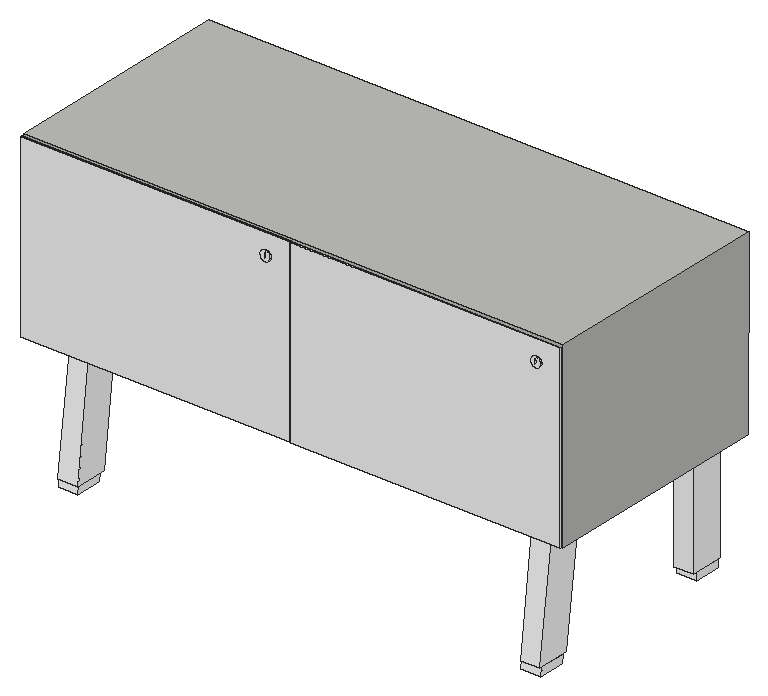
Revit family "Credenza-Freestanding-Teknion-JNFCLL-Lateral_File-R2015", category Furniture, Revit 2015
Parameters (values of type "Metal")
  Width [instance] = 42.000"
  Warranty = "http://www.teknion.com/ca/papers/legal-canada"
  Unit Weight URL = "http://www.teknion.com/ca/tools/assets#&asset=bee6a381-b954-425e-8283-5a2de3a804f2,f828d448-4b62-4231-9e5f-9a8991c0ed77"
  URL = "www.teknion.com"
  Sustainability Data = "http://www.teknion.com/ca/tools/assets#&topic=216f99a5-57a0-44fc-b10a-9dee9b29ae4c&asset=444deb64-fe58-4b68-981e-f75e97781df7"
  Series = "Expansion Cityline"  # constant formula
  Separation Line (2D) [instance] = or(Width > 41.000")  # yes
  Separation Line [instance] = if(Width > 41.000", 2.000", 0.500")  # 2.000"
  Second Lock Visibility [instance] = or(Width > 41.000")  # yes
  Product Page URL = "http://www.teknion.com/ca/products/product-details?productlineid=9ad2a26e-8e7a-673b-a6c8-ff05004460c4"
  Product Line = "Expansion Cityline"  # constant formula
  Product Documentation Link = "http://www.teknion.com/pricing/expansion-cityline/pdfs/JNFCLL_ppg.pdf"
  Part Number = "JNFCLL"  # constant formula
  Note [instance] = "Widths are available from 24 to 72 inches in 6 inch increments."  # constant formula
  Model = "JNFCLLM"
  Manufacturer Phone = "416-661-3370"  # constant formula
  Manufacturer Fax = "416.661.4586"  # constant formula
  Manufacturer Contact Information = "http://www.teknion.com/ca/contactus"
  Manufacturer Address = "1150 Flint Road, Toronto, ON. M3J 2J5. Canada"  # constant formula
  Manufacturer = "Teknion"  # constant formula
  Leg Paint Finish [instance] = Mica - Teknion - V - Satin - Very White
  Has Solid Front Style [instance] = not(Has Metal Front Style)  # no
  Has Seat Pad Felt [instance] = no
  Has Metal Front Style = yes
  Front Finish = Mica - Teknion - V - Satin - Very White
  Front Drawer Depth [instance] = if(Has Metal Front Style, 0.118", 0.701")  # 0.118"
  Felt Finish [instance] = Fabric-Teknion-RB11-Carbon
  Description = "Freestanding Credenza – Lateral File"  # constant formula
  Case Finish [instance] = Source Laminate - Teknion - RV - Very White
  Assembly Code = "E2020200"
Types (2): name | Model | Has Solid Front Style | Has Seat Pad Felt | Has Metal Front Style | Front Finish | Front Drawer Depth | Felt Finish
  Metal | "JNFCLLM" | no | no | yes | Mica - Teknion - V - Satin - Very White | 0.118" | Fabric-Teknion-RB11-Carbon
  Solid | "JNFCLLS" | yes | yes | no | Source Laminate - Teknion - RV - Very White | 0.701" | none
Reference planes (in)
  plane 1 "Center Front/Back": y = -0.84646
  plane 2: z = 0
  plane 3 "Center Left/Right": x = -39
  plane 4 "Left": x = -60
  plane 5 "Right": x = -18
  plane 6 "Back": y = 8.15354
  plane 7 "Front": y = -9.84646
  plane 8 "Top": z = 24.12496
  plane 9: z = 10
  plane 10: y = -10.04331
  plane 11: y = -10.16131
  plane 12: x = -20.23228
  plane 13: x = -21.76772
  plane 14: x = -57.76772
  plane 15: x = -56.23228
  plane 16: y = -10.22045
  plane 17: y = -11.91608
  plane 18: z = 0.60236
  plane 19: x = -48
  plane 20: x = -30
Forms (in)
  Extrusion 1, solid, material "Source Laminate - Teknion - RV - Very White" <- "Case Finish"
    sketch origin (0, 0, 24.12496) x (-1, 0, 0) y (0, -1, 0)
      loop
        line (60, -8.15354) -> (60, 9.84646) -> (18, 9.84646) -> (18, -8.15354) -> (60, -8.15354)
    from 0 to -14.12496
  Extrusion 2, solid, material "Mica - Teknion - V - Satin - Very White" <- "Leg Paint Finish"
    sketch origin (-39, 0, 0) x (0, 1, 0) y (0, 0, 1)
      loop
        line (-9.30637, 0.60236) -> (-6.7848, 0.60236) -> (-5.54758, 10) -> (-8.06915, 10) -> (-9.30637, 0.60236)
    from 17.23228 to 18.76772
  Extrusion 3, solid, material "Mica - Teknion - V - Satin - Very White" <- "Leg Paint Finish"
    sketch origin (-39, 0, 0) x (0, 1, 0) y (0, 0, 1)
      loop
        line (-7.21265, 0) -> (-7.13335, 0.60236) -> (-9.16739, 0.60236) -> (-9.24669, 0) -> (-7.21265, 0)
    from 17.23228 to 18.76772
  Extrusion 4, solid, material "Mica - Teknion - V - Satin - Very White" <- "Leg Paint Finish"
    sketch origin (-36, 0, 0) x (0, 1, 0) y (0, 0, -1)
      loop
        line (-9.30637, -0.60236) -> (-8.06915, -10) -> (-5.54758, -10) -> (-6.7848, -0.60236) -> (-9.30637, -0.60236)
    from 20.23228 to 21.76772
  Extrusion 5, solid, material "Mica - Teknion - V - Satin - Very White" <- "Leg Paint Finish"
    sketch origin (-36, 0, 0) x (0, 1, 0) y (0, 0, -1)
      loop
        line (-7.21265, 0) -> (-9.24669, 0) -> (-9.16739, -0.60236) -> (-7.13335, -0.60236) -> (-7.21265, 0)
    from 20.23228 to 21.76772
  Extrusion 6, solid, material "Mica - Teknion - V - Satin - Very White" <- "Front Finish"
    sketch origin (0, -9.84646, 0) x (-1, 0, 0) y (0, 0, -1)
      loop
        line (18, -24.06591) -> (60, -24.06591) -> (60, -10.11811) -> (18, -10.11811) -> (18, -24.06591)
    from 0.19685 to 0.31485
  Extrusion 7, solid, material "Mica - Teknion - V - Satin - Very White"
    sketch origin (0, -9.84646, 0) x (-1, 0, 0) y (0, 0, -1)
      loop
        circle (19.82838, -22.4911) r 0.3922
      loop
        line (19.7815, -22.67811) -> (19.87993, -22.67811) -> (19.87993, -22.30409) -> (19.7815, -22.30409) -> (19.7815, -22.67811)
    from 0.31485 to 0.37399
  Extrusion 8, void
    sketch origin (0, -9.84646, 0) x (-1, 0, 0) y (0, 0, -1)
      loop
        line (38.94094, -10.11811) -> (38.94094, -24.06591) -> (39.05906, -24.06591) -> (39.05906, -10.11811) -> (38.94094, -10.11811)
    from 0.06963 to 2.06963
  Extrusion 9, solid, material "Mica - Teknion - V - Satin - Very White", visible <- "Second Lock Visibility"
    sketch origin (-42.72048, -9.84646, 0) x (1, 0, 0) y (0, 0, 1)
      loop
        circle (1.82837, 22.4911) r 0.3922
      loop
        line (1.7815, 22.67811) -> (1.7815, 22.30409) -> (1.87993, 22.30409) -> (1.87993, 22.67811) -> (1.7815, 22.67811)
    from 0.31485 to 0.37399
  Extrusion 10, solid, material "Mica - Teknion - V - Satin - Very White" <- "Leg Paint Finish"
    sketch origin (-20.23228, -7.61346, 48) x (0, -1, 0) y (0, 0, 1)
      loop
        line (-13.20795, -47.39764) -> (-13.20795, -38) -> (-15.767, -38) -> (-15.767, -47.39764) -> (-13.20795, -47.39764)
    from 0 to 1.53543
  Extrusion 11, solid, material "Mica - Teknion - V - Satin - Very White" <- "Leg Paint Finish"
    sketch origin (-57.76772, -7.61346, 48) x (0, -1, 0) y (0, 0, -1)
      loop
        line (-13.20795, 38) -> (-13.20795, 47.39764) -> (-15.767, 47.39764) -> (-15.767, 38) -> (-13.20795, 38)
    from 0 to 1.53543
  Extrusion 12, solid, material "Mica - Teknion - V - Satin - Very White" <- "Leg Paint Finish"
    sketch origin (-57.76772, -7.61346, 48) x (0, -1, 0) y (0, 0, -1)
      loop
        line (-13.5535, 48) -> (-15.57015, 48) -> (-15.57015, 47.39764) -> (-13.5535, 47.39764) -> (-13.5535, 48)
    from 0 to 1.53543
  Extrusion 13, solid, material "Mica - Teknion - V - Satin - Very White" <- "Leg Paint Finish"
    sketch origin (-20.23228, -7.61346, 48) x (0, -1, 0) y (0, 0, 1)
      loop
        line (-13.5535, -48) -> (-13.5535, -47.39764) -> (-15.57015, -47.39764) -> (-15.57015, -48) -> (-13.5535, -48)
    from 0 to 1.53543
  Extrusion 14, solid, material "Fabric-Teknion-RB11-Carbon" <- "Felt Finish", visible <- "Has Seat Pad Felt"
    sketch origin (0, 0, 24.12496) x (-1, 0, 0) y (0, -1, 0)
      loop
        line (48, -8.15354) -> (48, 9.84646) -> (30, 9.84646) -> (30, -8.15354) -> (48, -8.15354)
    from 0 to 0.5512
Cuts and joins
  Extrusion 8 cuts Extrusion 6
Lines and regions (in)
  Masking region 1
    outline origin (0, 0, 24.12496) x (-1, 0, 0) y (0, -1, 0)
      loop
        line (18, -8.15354) -> (60, -8.15354) -> (60, 9.84646) -> (18, 9.84646) -> (18, -8.15354)
  Masking region 2
    outline origin (0, 0, 24.12496) x (-1, 0, 0) y (0, -1, 0)
      loop
        line (60, 10.04331) -> (60, 10.16131) -> (18, 10.16131) -> (18, 10.04331) -> (60, 10.04331)
  Masking region 3, visible <- "Second Lock Visibility"
    outline origin (0, 0, 24.12496) x (-1, 0, 0) y (0, -1, 0)
      loop
        line (40.4999, 10.16131) -> (41.28431, 10.16131) -> (41.28431, 10.22045) -> (40.4999, 10.22045) -> (40.4999, 10.16131)
  Masking region 4
    outline origin (0, 0, 24.12496) x (-1, 0, 0) y (0, -1, 0)
      loop
        line (20.22058, 10.22045) -> (19.43617, 10.22045) -> (19.43617, 10.16131) -> (20.22058, 10.16131) -> (20.22058, 10.22045)
  Masking region 5, visible <- "Has Seat Pad Felt"
    outline origin (0, 0, 24.12496) x (-1, 0, 0) y (0, -1, 0)
      loop
        line (48, -8.15354) -> (48, 9.84646) -> (30, 9.84646) -> (30, -8.15354) -> (48, -8.15354)
  symbolic lines, style "FurnitureHiddenLines", detail levels medium+fine
    curve 1: line (-56.23228, -9.30637, 24.12496) -> (-56.23228, -5.54758, 24.12496)
    curve 2: line (-57.76772, -5.54758, 24.12496) -> (-56.23228, -5.54758, 24.12496)
    curve 3: line (-57.76772, -9.30637, 24.12496) -> (-57.76772, -5.54758, 24.12496)
    curve 4: line (-57.76772, -9.30637, 24.12496) -> (-56.23228, -9.30637, 24.12496)
    curve 7: line (-21.76772, -5.54758, 24.12496) -> (-20.23228, -5.54758, 24.12496)
    curve 8: line (-20.23228, -9.30637, 24.12496) -> (-20.23228, -5.54758, 24.12496)
    curve 9: line (-21.76772, -9.30637, 24.12496) -> (-20.23228, -9.30637, 24.12496)
    curve 10: line (-21.76772, -9.30637, 24.12496) -> (-21.76772, -5.54758, 24.12496)
    curve 17: line (-57.76772, 8.15354, 24.12496) -> (-57.76772, 5.59449, 24.12496)
    curve 18: line (-57.76772, 5.59449, 24.12496) -> (-56.23228, 5.59449, 24.12496)
    curve 19: line (-56.23228, 5.59449, 24.12496) -> (-56.23228, 8.15354, 24.12496)
    curve 23: line (-21.76772, 8.15354, 24.12496) -> (-21.76772, 5.59449, 24.12496)
    curve 25: line (-21.76772, 5.59449, 24.12496) -> (-20.23228, 5.59449, 24.12496)
    curve 26: line (-20.23228, 5.59449, 24.12496) -> (-20.23228, 8.15354, 24.12496)
  symbolic lines, style "FurnitureHiddenLines", detail levels fine
    curve 5: line (-57.76772, -9.24669, 24.12496) -> (-56.23228, -9.24669, 24.12496)
    curve 6: line (-56.23228, -7.13335, 24.12496) -> (-57.76772, -7.13335, 24.12496)
    curve 11: line (-20.23228, -7.13335, 24.12496) -> (-21.76772, -7.13335, 24.12496)
    curve 12: line (-21.76772, -7.13335, 24.12496) -> (-21.76772, -9.16739, 24.12496)
    curve 13: line (-21.76772, -9.16739, 24.12496) -> (-20.23228, -9.16739, 24.12496)
    curve 14: line (-20.23228, -9.16739, 24.12496) -> (-20.23228, -7.13335, 24.12496)
    curve 20: line (-57.76772, 5.94004, 24.12496) -> (-56.23228, 5.94004, 24.12496)
    curve 21: line (-56.23228, 7.95669, 24.12496) -> (-57.76772, 7.95669, 24.12496)
    curve 22: line (-20.23228, 7.95669, 24.12496) -> (-21.76772, 7.95669, 24.12496)
    curve 24: line (-21.76772, 5.94004, 24.12496) -> (-20.23228, 5.94004, 24.12496)
  symbolic lines, visible <- "Separation Line (2D)"
    curve 15: line (-39.05906, -10.04331, 24.12496) -> (-39.05906, -10.16131, 24.12496)
    curve 16: line (-38.94094, -10.16131, 24.12496) -> (-38.94094, -10.04331, 24.12496)
  reference lines, not visible
    curve 27: line (-60, 8.15354, 0) -> (-60, -10.16131, 0)
    curve 28: line (-60, 8.15354, 0) -> (-18, 8.15354, 0)
    curve 29: line (-18, 8.15354, 0) -> (-18, -10.16131, 0)
    curve 30: line (-18, -10.16131, 0) -> (-60, -10.16131, 0)
Dimensions and locks (in)
  equal spacing: plane 4 "Left", plane 3 "Center Left/Right", plane 5 "Right"
  locked: plane 6 "Back" to plane 7 "Front" at 18
  plane 8 "Top" to level = 24.12496"
  "Width": plane 4 "Left" to plane 5 "Right"
  equal spacing: plane 6 "Back", plane 1 "Center Front/Back", plane 7 "Front"
  locked: plane 8 "Top" to plane 9 at 14.12496
  Extrusion 2 sketch curve to Extrusion 2 sketch curve to Extrusion 2 sketch curve to Extrusion 2 sketch curve to plane 7 "Front" = 1.23722" locked, 1.28435" locked, 1.23722" locked, 0.54009" locked
  locked: Extrusion 2 sketch curve to plane 2 at 0.60236
  Extrusion 3 sketch curve to Extrusion 3 sketch curve to Extrusion 3 sketch curve to Extrusion 3 sketch curve to plane 7 "Front" = 0.0793" locked, 1.95473" locked, 0.0793" locked, 0.59977" locked
  plane 13 to plane 12 to plane 5 "Right" = 1.53543" locked, 2.23228" locked
  locked: plane 10 to plane 7 "Front" at 0.19685
  "Front Drawer Depth": plane 10 to plane 11
  Extrusion 4 sketch curve to Extrusion 4 sketch curve to Extrusion 4 sketch curve to Extrusion 4 sketch curve to plane 7 "Front" = 1.23722" locked, 1.28435" locked, 1.23722" locked, 0.54009" locked
  Extrusion 5 sketch curve to Extrusion 5 sketch curve to Extrusion 5 sketch curve to Extrusion 5 sketch curve to plane 7 "Front" = 0.0793" locked, 1.95473" locked, 0.0793" locked, 0.59977" locked
  plane 15 to plane 14 to plane 4 "Left" = 1.53543" locked, 2.23228" locked
  locked: Extrusion 4 sketch curve to plane 2 at 0.60236
  locked: Extrusion 5 sketch curve to plane 2 at 0.60236
  locked: plane 8 "Top" to Extrusion 6 sketch curve at 0.05906
  locked: Extrusion 6 sketch curve to plane 2 at 10.11811
  locked: Extrusion 7 sketch curve to plane 5 "Right" at 1.82838
  locked: plane 8 "Top" to Extrusion 7 sketch curve at 1.63386
  Extrusion 7 sketch curve to Extrusion 7 sketch curve to plane 5 "Right" = 0.09843" locked, 1.7815" locked
  plane 8 "Top" to Extrusion 7 sketch curve to Extrusion 7 sketch curve = 1.44685" locked, 0.37402" locked
  locked: plane 11 to plane 16 at 0.05914
  locked: plane 7 "Front" to plane 17 at 2.06963
  "Separation Line": Extrusion 8 to plane 17
  plane 3 "Center Left/Right" to Extrusion 9 sketch curve to Extrusion 9 sketch curve = 1.84055" locked, 0.09843" locked
  plane 8 "Top" to Extrusion 9 sketch curve to Extrusion 9 sketch curve = 1.44685" locked, 0.37402" locked
  locked: plane 11 to Extrusion 9 at 0.05914
  locked: Masking region 3 sketch curve to plane 11 at 0.05914
  locked: plane 6 "Back" to Extrusion 11 sketch curve at 2.55906
  locked: plane 6 "Back" to Extrusion 12 sketch curve at 0.19685
  locked: plane 6 "Back" to Extrusion 12 sketch curve at 2.2135
  locked: Extrusion 13 sketch curve to plane 6 "Back" at 0.19685
  locked: plane 18 to plane 2 at 0.60236
  locked: Extrusion 13 sketch curve to plane 6 "Back" at 2.2135
  locked: plane 4 "Left" to plane 19 at 12
  locked: plane 5 "Right" to plane 20 at 12
  locked: Extrusion 14 to plane 8 "Top" at 0.5512
  aligned and locked: level to plane 2
  aligned and locked: Extrusion 1 sketch curve to plane 4 "Left"
  aligned and locked: Extrusion 1 sketch curve to plane 6 "Back"
  aligned and locked: Extrusion 1 sketch curve to plane 5 "Right"
  aligned and locked: Extrusion 1 sketch curve to plane 7 "Front"
  aligned and locked: Extrusion 1 to plane 9
  aligned and locked: Extrusion 1 to plane 8 "Top"
  aligned and locked: plane 9 to Extrusion 2 sketch curve
  aligned and locked: plane 2 to Extrusion 3 sketch curve
  aligned and locked: Extrusion 2 to plane 12
  aligned and locked: plane 13 to Extrusion 2
  aligned and locked: Extrusion 3 to plane 12
  aligned and locked: plane 13 to Extrusion 3
  aligned and locked: plane 14 to Extrusion 4
  aligned and locked: Extrusion 4 to plane 15
  aligned and locked: plane 14 to Extrusion 5
  aligned and locked: Extrusion 5 to plane 15
  aligned and locked: Extrusion 4 sketch curve to plane 9
  aligned and locked: Extrusion 5 sketch curve to plane 2
  aligned and locked: Extrusion 6 sketch curve to plane 5 "Right"
  aligned and locked: Extrusion 6 sketch curve to plane 4 "Left"
  aligned and locked: Extrusion 6 to plane 10
  aligned and locked: Extrusion 6 to plane 11
  aligned and locked: plane 11 to Extrusion 7
  aligned and locked: plane 16 to Extrusion 7
  aligned and locked: Extrusion 7 to plane 11
  aligned and locked: plane 17 to Extrusion 8
  aligned and locked: plane 11 to Extrusion 9
  aligned and locked: plane 16 to Extrusion 9
  aligned and locked: Masking region 1 sketch curve to Extrusion 1  (x4)
  aligned and locked: Masking region 2 sketch curve to cut or joined group of Extrusion 6, Extrusion 8  (x4)
  aligned and locked: Masking region 3 sketch curve to Extrusion 9  (x3)
  aligned and locked: Masking region 4 sketch curve to Extrusion 7  (x3)
  aligned and locked: plane 15 to curve 1
  aligned and locked: curve 2 to Extrusion 4
  aligned and locked: plane 14 to curve 3
  aligned and locked: curve 4 to Extrusion 4
  aligned and locked: curve 5 to Extrusion 5
  aligned and locked: curve 6 to Extrusion 5
  aligned and locked: curve 7 to Extrusion 2
  aligned and locked: curve 8 to plane 12
  aligned and locked: curve 9 to Extrusion 2
  aligned and locked: curve 10 to plane 13
  aligned and locked: curve 15 to cut or joined group of Extrusion 6, Extrusion 8
  aligned and locked: cut or joined group of Extrusion 6, Extrusion 8 to curve 16
  aligned and locked: Extrusion 10 sketch curve to plane 9
  aligned and locked: Extrusion 10 sketch curve to plane 6 "Back"
  aligned and locked: plane 13 to Extrusion 10
  aligned and locked: Extrusion 10 to plane 12
  aligned and locked: plane 9 to Extrusion 11 sketch curve
  aligned and locked: plane 6 "Back" to Extrusion 11 sketch curve
  aligned and locked: plane 15 to Extrusion 11
  aligned and locked: Extrusion 11 to plane 14
  aligned and locked: plane 2 to Extrusion 12 sketch curve
  aligned and locked: plane 15 to Extrusion 12
  aligned and locked: Extrusion 12 to plane 14
  aligned and locked: Extrusion 13 to plane 12
  aligned and locked: plane 13 to Extrusion 13
  aligned and locked: plane 2 to Extrusion 13 sketch curve
  aligned and locked: curve 17 to Extrusion 11
  aligned and locked: curve 18 to Extrusion 11
  aligned and locked: curve 19 to Extrusion 11
  aligned and locked: curve 20 to Extrusion 12
  aligned and locked: curve 21 to Extrusion 12
  aligned and locked: curve 22 to Extrusion 13
  aligned and locked: curve 23 to Extrusion 10
  aligned and locked: curve 24 to Extrusion 13
  aligned and locked: curve 25 to Extrusion 10
  aligned and locked: curve 26 to Extrusion 10
  aligned and locked: Extrusion 11 sketch curve to plane 18
  aligned and locked: Extrusion 12 sketch curve to plane 18
  aligned and locked: plane 18 to Extrusion 10 sketch curve
  aligned and locked: plane 18 to Extrusion 13 sketch curve
  aligned and locked: Extrusion 14 sketch curve to plane 19
  aligned and locked: Extrusion 14 sketch curve to plane 6 "Back"
  aligned and locked: plane 20 to Extrusion 14 sketch curve
  aligned and locked: plane 7 "Front" to Extrusion 14 sketch curve
  aligned and locked: Extrusion 14 to plane 8 "Top"
  aligned and locked: Masking region 5 sketch curve to plane 19
  aligned and locked: Masking region 5 sketch curve to plane 6 "Back"
  aligned and locked: plane 20 to Masking region 5 sketch curve
  aligned and locked: plane 7 "Front" to Masking region 5 sketch curve
  aligned and locked: curve 27 to plane 4 "Left"
  aligned and locked: curve 28 to plane 6 "Back"
  aligned and locked: curve 29 to plane 5 "Right"
  aligned and locked: curve 30 to plane 11
Automatic sketch dimensions
  level to Extrusion 3 sketch curve = 0.60236"
  Extrusion 8 sketch curve to plane 3 "Center Left/Right" = 0.05906"
  plane 3 "Center Left/Right" to Extrusion 8 sketch curve = 0.05906"
  plane 9 to Extrusion 8 sketch curve = 0.11811"
  plane 8 "Top" to Extrusion 8 sketch curve = 0.05906"
  Extrusion 9 sketch curve to Extrusion 9 sketch curve = 0.04687"
  Extrusion 9 sketch curve to Extrusion 9 sketch curve = 0.18701"
  Masking region 4 sketch curve to plane 11 = 0.000"
  curve 16 to plane 10 = 0.000"
  curve 15 to plane 10 = 0.000"
  curve 16 to plane 11 = 0.000"
  curve 15 to plane 11 = 0.000"
  Extrusion 10 sketch curve to Extrusion 10 sketch curve = 2.55906"
  curve 11 to plane 12 = 0.000"
  curve 11 to plane 13 = 0.000"
  curve 7 to curve 12 = 1.58577"
  curve 14 to curve 8 = 0.13898"
  curve 17 to plane 6 "Back" = 0.000"
  curve 19 to plane 6 "Back" = 0.000"
  plane 6 "Back" to curve 23 = 0.000"
  plane 6 "Back" to curve 26 = 0.000"
  radius of Extrusion 7 sketch curve = 0.3922"
  radius of Extrusion 9 sketch curve = 0.3922"
